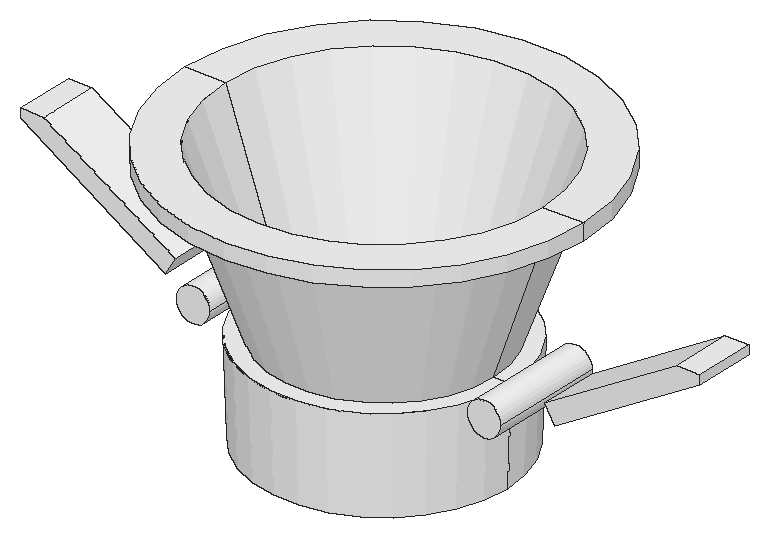
Revit family "Thorn Chalice 3 100", category Lighting Fixtures, host Face, Revit 2018
Family settings
  Host = Face
  Round Connector Dimension = Use Diameter
  Part Type = Normal
  OmniClass Number = 23.80.70.11
  OmniClass Title = Luminaries for Internal Lighting
  Cut with Voids When Loaded = No
  Light Source = Yes
  Shared = No
  Room Calculation Point = No
Parameters (values of type "CHAL3 100 800-840 HFIX RSB")
  Width = 119 mm  # constant formula
  Wattage Comments = ""
  Wattage = 7.33333 W
  built-in parameter 1150110 = 1 (stored number, unit not read)
  Voltage = 230 V  # constant formula
  URL = "www.thornlighting.com/92989239"
  Type Comments = "© Thorn Lighting. We reserve the right to make technical changes without prior notice."  # constant formula
  built-in parameter 1114217 = 1 (stored number, unit not read)
  Tilt Angle = -90.00°
  built-in parameter 1150109 = 1 (stored number, unit not read)
  built-in parameter 1150134 = 12
  built-in parameter 1150113 = 1 (stored number, unit not read)
  Photometric Web File = "92989239_(STD).IES"
  No of Lamps = 1
  Model = "92989239"
  Manufacturer = "Thorn Lighting"  # constant formula
  built-in parameter 1150105 = 61.275 (stored number, unit not read)
  Lumens = 770 lm
  built-in parameter 1150115 = 1 (stored number, unit not read)
  built-in parameter 1150137 = (empty or 0)
  built-in parameter 1150139 = (empty or 0)
  Length = 119 mm  # constant formula
  built-in parameter 1150112 = 1 (stored number, unit not read)
  built-in parameter 1150114 = 1 (stored number, unit not read)
  Lamp = "LED"
  built-in parameter 1150132 = 2
  built-in parameter 1150102 = (empty or 0)
  built-in parameter 1150107 = 4000 (stored number, unit not read)
  built-in parameter 1150138 = (empty or 0)
  built-in parameter 1150106 = 0.61275 (stored number, unit not read)
  Height = 75 mm  # constant formula
  Emit from Circle Diameter = 94.8 mm  # constant formula
  Emit Shape Visible in Rendering = no
  built-in parameter 1150104 = 9.7548 (stored number, unit not read)
  Dimming Lamp Color Temperature Shift = <None>
  Description = "Ceiling recessed luminaire"  # constant formula
  Default Elevation = 0 mm
  Cost = 0
  Color Filter = 16777215
  Body [instance] = Zumtobel_Metal_White
  built-in parameter 1114218 = 1 (stored number, unit not read)
  built-in parameter 1150133 = 10 (stored number, unit not read)
  Assembly Code = "D5020200"
  Apparent Load = 7.5 VA
Reference planes
  plane 1 "Centre (Front/Back)": y = 0
  plane 2: z = 0
  plane 3 "Centre (Left/Right)": x = 0
Forms (mm)
  Extrusion 1, void
    sketch origin (0, 0, 0) x (1, 0, 0) y (0, 1, 0)
      loop
        circle (0, 0) r 50
    from 5 to -75
  Revolve 2, solid, material "Zumtobel_Metal_White" <- "Body"
    sketch origin (0, 0, 0) x (1, 0, 0) y (0, 0, 1)
      loop
        line (-47.444, 4.582) -> (-59.5, 4.582) -> (-59.5, 0) -> (-49.003, 0) -> (-32.69, -46.02) -> (-19.207, -46.02) -> (-19.207, -44.027) -> (-30.213, -44.027) -> (-47.444, 4.582)
      axis (0, 4.582) -> (0, -46.02)
    angle from 0 to 360
  Extrusion 3, solid, material "Zumtobel_Metal_White" <- "Body"
    sketch origin (0, 0, 0) x (1, 0, 0) y (0, 0, 1)
      loop
        line (-54.969, -41.151) -> (-94.574, -17.246) -> (-101.471, -17.246) -> (-101.471, -19.857) -> (-57.966, -46.116) -> (-54.969, -41.151)
      loop
        line (54.969, -41.151) -> (57.966, -46.116) -> (101.471, -19.857) -> (101.471, -17.246) -> (94.574, -17.246) -> (54.969, -41.151)
    from -9 to 9
  Extrusion 4, solid, material "Zumtobel_Metal_White" <- "Body"
    sketch origin (0, 0, 0) x (1, 0, 0) y (0, 0, 1)
      loop
        circle (-43.441, -45.949) r 5
      loop
        circle (43.441, -45.949) r 5
    from -17 to 17
  Revolve 5, solid, material "Zumtobel_Metal_White" <- "Body"
    sketch origin (0, 0, -10) x (1, 0, 0) y (0, 0, 1)
      loop
        line (0, -36.02) -> (-37.769, -36.02) -> (-36.781, -64.328) -> (0, -64.328) -> (0, -36.02)
      axis (0, -36.02) -> (0, -64.328)
    angle from 0 to 360
Dimensions and locks
  Revolve 2 sketch curve to Revolve 2 sketch curve = 59.5 mm
  aligned and locked: plane 2 to host face
  aligned and locked: level to host face
Connectors
  electrical at (0, 0, -122.28), driven by "Apparent Load", driven by "Voltage"
    settings: on Revolve 5, index 1, voltage 230 V, apparent load 0 VA, apparent load phase1 7.5 VA, apparent load phase2 0 VA, apparent load phase3 0 VA, power factor 1, load classification "Lighting", number of poles 1, system type 31, power factor state 1, is connector primary yes, connector utility no, sub classification motor no, connector description "Power"
